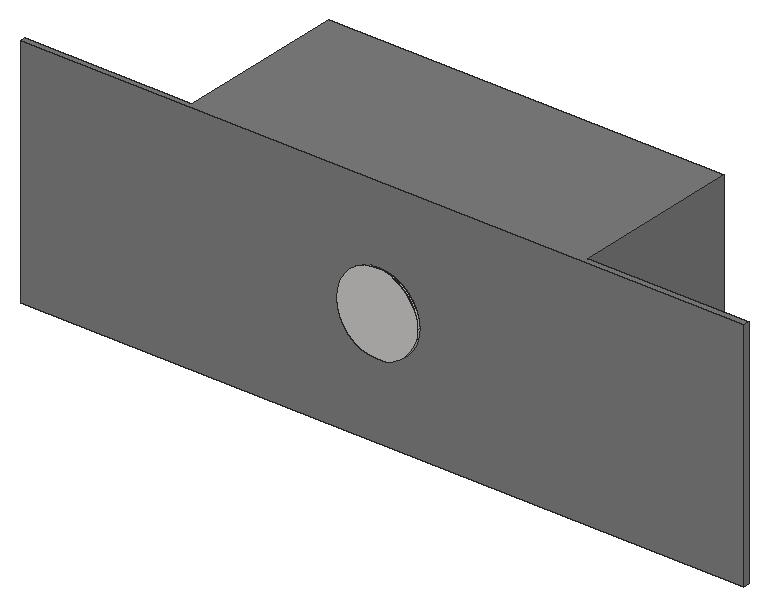
Revit family "S20V", category Generic Models, Revit 2021
Family settings
  Can host rebar = No
  Round Connector Dimension = Use Diameter
  Part Type = Normal
  Work Plane-Based = No
  Always vertical = Yes
  Cut with Voids When Loaded = No
  Shared = No
  Room Calculation Point = No
Parameters (values of type "Standard")
  e-mail = "info@vola.com"
  URL = "http://vola.com"
  Telephone = "+45 7023 5500"
  Quality management standard = "ISO 9001"
  Organisation no. / DUNS no. = "17531328"
  Occupational health and safety management standard = "ISO 18001"
  Mounting Instructions = "http://vola.com/service/producturl.ashx?name=S20V"
  Model = "S20V"
  Materials and components information = "http://vola.com/service/producturl.ashx?name=S20V"
  Manufacturer = "VOLA A/S"
  Maintenance Instructions = "http://vola.com/service/producturl.ashx?name=S20V"
  Guarantee = "2 years"
  Flow = "35,00 l/min"
  Environmental management standard = "ISO 14000"
  Default Elevation = 0.00 mm
  Connection - All relevant connections = "½\" for water connection"
  Approvals = "http://vola.com/service/producturl.ashx?name=S20V"
Reference planes
  plane 1 "Center (Front/Back)": y = 0
  plane 2: z = 0
  plane 3 "Center (Left/Right)": x = 0
  plane 4 "Front Plane": y = -72.2
  plane 5 "Inlet Center Plane": y = -38
  plane 6: z = 47.5
Forms (mm)
  Extrusion 1, solid, material "Stainless Steel"
    sketch origin (1071.5, -3.5, -21.5) x (-1, 0, 0) y (0, 0, -1)
      loop
        circle (1071.5, -69) r 16.5
    from 68 to 68.7
  Extrusion 2, solid, material "Default"
    sketch origin (0, -1, -21.5) x (1, 0, 0) y (0, 1, 0)
      loop
        line (-77.5, 1) -> (-77.5, -68) -> (82.5, -68) -> (82.5, 1) -> (-77.5, 1)
    from 21.5 to 116.5
  Extrusion 3, solid, material "Default"
    sketch origin (0, -1, -21.5) x (1, 0, 0) y (0, 1, 0)
      loop
        line (-145, -68) -> (-145, -70.5) -> (147.5, -70.5) -> (147.5, -68) -> (-145, -68)
    from 21.5 to 116.5
Cuts and joins
  joined: Extrusion 2, Extrusion 3
Lines and regions (mm)
  reference lines
    curve 1: line (0, -26, 47.5) -> (0, -123.5, 47.5)
    curve 2: line (0, -38, 47.5) -> (0, -38, -51.5)
    curve 3: line (0, -28.5, 47.5) -> (0, -28.5, 146.5)
Dimensions and locks
  aligned and locked: plane 2 to level
  aligned and locked: Extrusion 2 to Extrusion 3
  aligned and locked: Extrusion 3 to Extrusion 2
